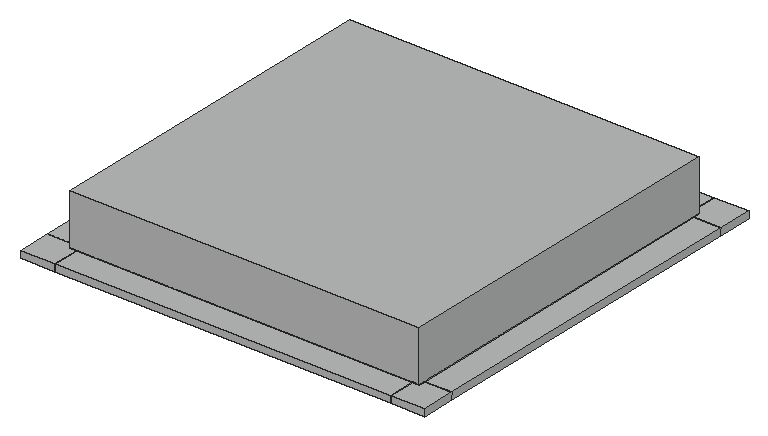
Revit family "ALUMOGIPS", category Осветительные приборы, Revit 2019 (continued)
Types (72, lengths in mm): name | Файл фотометрической сетки | built-in parameter 1150105 | Lumens | built-in parameter 1150106 | built-in parameter 1150142 | Wattage | Emit from Rectangle Width | Emit from Rectangle Length | Длина | Материал светильника | Ширина | ADSK_Ток | ADSK_Полная мощность | ADSK_Обозначение | ADSK_Номинальная мощность | ADSK_Наименование | ADSK_Масса | ADSK_Код изделия
  Alumogips-38/opal-sand 610х610 (IP54, 4000К, серый, грильято) c БАП на 1 час | "Светильник ALUMOGIPS-38 OPAL-SAND-(610x610).IES" | 302.39 (stored number, unit not read) | 3800 lm | 3.0239 (stored number, unit not read) | "IESNA:LM-63-95\r\n[TEST] Протокол № 50-12 \r\n[DATA] 20.06.2016\r\n[MORE] \r\n[MANUFAC] ЗАО \"Центрстройсвет\"\r\n[LUMCAT]  Светильник ALUMOGIPS-38/OPAL-SAND-(610x610)\r\n[LUMINAIRE]\r\n[LAMPCAT] Светодиоды\r\n[LAMP] Поток источника света (светодиодов) не известен\r\n[MORE] КСС приведена в абсолютных величинах кд\r\n[MORE] Вместо потока лампы, указан поток светильника.\r\nTILT=NONE\r\n1    3750 1.0 37 73 1 2 0.61 0.61 0.04\r\n1.0 1.0 38.7\r\n0.0 5.0 10.0 15.0 20.0 25.0 30.0 35.0 40.0 45.0 50.0 55.0 60.0 65.0 70.0 75.0 80.0 85.0 90.0 95.0 100.0 105.0 110.0 115.0 120.0 125.0 130.0 135.0 140.0 145.0 150.0 155.0 160.0 165.0 170.0 175.0 180.0\r\n0.0 5.0 10.0 15.0 20.0 25.0 30.0 35.0 40.0 45.0 50.0 55.0 60.0 65.0 70.0 75.0 80.0 85.0 90.0 95.0 100.0 105.0 110.0 115.0 120.0 125.0 130.0 135.0 140.0 145.0 150.0 155.0 160.0 165.0 170.0 175.0 180.0 185.0 190.0 195.0 200.0 205.0 210.0 215.0 220.0 225.0 230.0 235.0 240.0 245.0 250.0 255.0 260.0 265.0 270.0 275.0 280.0 285.0 290.0 295.0 300.0 305.0 310.0 315.0 320.0 325.0 330.0 335.0 340.0 345.0 350.0 355.0 360.0\r\n1391.4 1390.6 1365.7 1330.6 1277.5 1214.9 1147.5 1059.6 967.6 873.2 772.4 664.9 556.3 449.1 342.7 240.6 147.1 64.2 4.7 0.0 0.0 0.0 0.0 0.0 0.0 0.0 0.0 0.0 0.0 0.0 0.0 0.0 0.0 0.0 0.0 0.0 0.0\r\n1391.4 1390.5 1367.8 1332.7 1284.3 1221.3 1147.0 1062.1 969.2 872.4 773.2 666.3 557.1 450.1 343.8 241.9 146.9 64.7 5.2 0.0 0.0 0.0 0.0 0.0 0.0 0.0 0.0 0.0 0.0 0.0 0.0 0.0 0.0 0.0 0.0 0.0 0.0\r\n1391.4 1390.2 1372.0 1333.3 1277.3 1216.8 1144.5 1057.4 969.6 875.1 773.8 669.5 560.0 454.6 345.8 242.4 148.5 65.8 5.4 0.0 0.0 0.0 0.0 0.0 0.0 0.0 0.0 0.0 0.0 0.0 0.0 0.0 0.0 0.0 0.0 0.0 0.0\r\n1391.4 1389.8 1371.2 1330.7 1279.5 1220.5 1148.3 1059.9 967.7 873.2 767.5 666.8 561.4 453.0 347.1 243.7 149.9 65.6 5.8 0.0 0.0 0.0 0.0 0.0 0.0 0.0 0.0 0.0 0.0 0.0 0.0 0.0 0.0 0.0 0.0 0.0 0.0\r\n1391.4 1389.8 1368.3 1329.3 1285.0 1214.6 1141.1 1058.7 971.8 871.3 775.2 666.9 559.4 452.6 345.8 242.5 150.0 65.8 6.1 0.0 0.0 0.0 0.0 0.0 0.0 0.0 0.0 0.0 0.0 0.0 0.0 0.0 0.0 0.0 0.0 0.0 0.0\r\n1391.4 1390.5 1367.3 1332.3 1281.7 1219.0 1142.8 1064.6 970.5 874.4 772.1 667.5 560.2 453.0 346.2 241.8 149.4 65.7 5.6 0.0 0.0 0.0 0.0 0.0 0.0 0.0 0.0 0.0 0.0 0.0 0.0 0.0 0.0 0.0 0.0 0.0 0.0\r\n1391.4 1391.4 1368.1 1333.5 1277.3 1215.7 1139.0 1059.6 968.1 872.4 771.6 667.4 558.8 453.3 344.3 243.9 148.4 65.7 5.4 0.0 0.0 0.0 0.0 0.0 0.0 0.0 0.0 0.0 0.0 0.0 0.0 0.0 0.0 0.0 0.0 0.0 0.0\r\n1391.4 1391.7 1368.1 1330.4 1278.2 1213.9 1142.4 1061.6 967.4 875.1 772.0 669.3 561.1 452.5 345.2 242.1 148.3 65.4 5.5 0.0 0.0 0.0 0.0 0.0 0.0 0.0 0.0 0.0 0.0 0.0 0.0 0.0 0.0 0.0 0.0 0.0 0.0\r\n1391.4 1391.5 1371.0 1328.4 1278.5 1216.7 1142.1 1061.2 971.8 874.7 772.1 668.9 560.8 452.9 345.4 243.3 147.7 66.0 5.4 0.0 0.0 0.0 0.0 0.0 0.0 0.0 0.0 0.0 0.0 0.0 0.0 0.0 0.0 0.0 0.0 0.0 0.0\r\n1391.4 1391.5 1373.2 1330.5 1277.3 1215.5 1143.2 1063.6 967.0 872.7 772.2 669.4 558.9 453.2 346.6 241.9 148.1 65.2 5.5 0.0 0.0 0.0 0.0 0.0 0.0 0.0 0.0 0.0 0.0 0.0 0.0 0.0 0.0 0.0 0.0 0.0 0.0\r\n1391.4 1391.4 1369.7 1328.3 1281.3 1216.0 1139.8 1057.9 968.7 875.3 773.9 667.6 561.8 454.0 344.0 243.1 147.2 65.6 5.5 0.0 0.0 0.0 0.0 0.0 0.0 0.0 0.0 0.0 0.0 0.0 0.0 0.0 0.0 0.0 0.0 0.0 0.0\r\n1391.4 1390.5 1367.9 1330.1 1278.1 1218.1 1138.9 1061.0 970.0 871.8 770.4 669.3 560.2 453.4 346.9 242.1 148.3 65.2 5.2 0.0 0.0 0.0 0.0 0.0 0.0 0.0 0.0 0.0 0.0 0.0 0.0 0.0 0.0 0.0 0.0 0.0 0.0\r\n1391.4 1389.3 1368.2 1329.1 1280.8 1214.4 1142.5 1059.2 967.2 874.3 772.4 668.0 563.1 452.3 345.7 242.8 146.8 64.9 5.1 0.0 0.0 0.0 0.0 0.0 0.0 0.0 0.0 0.0 0.0 0.0 0.0 0.0 0.0 0.0 0.0 0.0 0.0\r\n1391.4 1388.6 1367.4 1327.8 1278.0 1215.7 1141.0 1061.0 971.5 877.3 771.2 667.3 561.5 453.0 346.4 242.4 146.3 64.8 5.2 0.0 0.0 0.0 0.0 0.0 0.0 0.0 0.0 0.0 0.0 0.0 0.0 0.0 0.0 0.0 0.0 0.0 0.0\r\n1391.4 1388.0 1367.6 1326.7 1278.3 1218.0 1140.9 1061.5 968.4 873.4 770.1 666.6 562.1 454.6 344.8 241.8 146.4 64.0 5.5 0.0 0.0 0.0 0.0 0.0 0.0 0.0 0.0 0.0 0.0 0.0 0.0 0.0 0.0 0.0 0.0 0.0 0.0\r\n1391.4 1387.2 1366.1 1331.0 1281.4 1216.3 1142.7 1059.1 969.4 871.5 772.2 667.3 560.5 453.0 344.4 242.2 146.4 63.8 5.6 0.0 0.0 0.0 0.0 0.0 0.0 0.0 0.0 0.0 0.0 0.0 0.0 0.0 0.0 0.0 0.0 0.0 0.0\r\n1391.4 1387.1 1366.3 1328.7 1276.9 1214.5 1141.2 1059.3 968.4 874.3 775.5 668.3 562.5 454.9 346.4 241.3 146.2 63.5 5.7 0.0 0.0 0.0 0.0 0.0 0.0 0.0 0.0 0.0 0.0 0.0 0.0 0.0 0.0 0.0 0.0 0.0 0.0\r\n1391.4 1388.4 1366.0 1329.7 1279.2 1217.9 1140.0 1060.5 969.0 873.9 772.0 671.3 560.4 453.2 343.7 241.7 145.8 63.7 5.4 0.0 0.0 0.0 0.0 0.0 0.0 0.0 0.0 0.0 0.0 0.0 0.0 0.0 0.0 0.0 0.0 0.0 0.0\r\n1391.4 1389.6 1367.7 1329.3 1277.2 1211.1 1140.1 1061.0 971.0 871.2 769.2 669.1 561.5 453.1 343.3 241.9 145.8 63.4 5.2 0.0 0.0 0.0 0.0 0.0 0.0 0.0 0.0 0.0 0.0 0.0 0.0 0.0 0.0 0.0 0.0 0.0 0.0\r\n1391.4 1388.8 1366.9 1327.1 1279.4 1214.2 1142.5 1056.4 970.7 870.3 771.0 665.1 560.4 453.3 343.8 241.1 145.7 63.4 5.2 0.0 0.0 0.0 0.0 0.0 0.0 0.0 0.0 0.0 0.0 0.0 0.0 0.0 0.0 0.0 0.0 0.0 0.0\r\n1391.4 1387.2 1365.8 1328.9 1276.6 1210.2 1141.4 1059.3 966.6 871.4 770.5 667.4 559.2 451.4 344.2 241.0 145.6 63.2 5.1 0.0 0.0 0.0 0.0 0.0 0.0 0.0 0.0 0.0 0.0 0.0 0.0 0.0 0.0 0.0 0.0 0.0 0.0\r\n1391.4 1386.8 1364.4 1329.8 1279.4 1213.7 1144.0 1059.0 965.3 873.7 768.8 668.9 559.4 449.5 342.6 241.5 144.6 63.4 5.0 0.0 0.0 0.0 0.0 0.0 0.0 0.0 0.0 0.0 0.0 0.0 0.0 0.0 0.0 0.0 0.0 0.0 0.0\r\n1391.4 1388.1 1365.8 1328.1 1273.8 1213.4 1137.9 1059.2 967.3 869.2 769.3 667.7 558.4 451.4 344.0 240.6 145.7 63.4 4.9 0.0 0.0 0.0 0.0 0.0 0.0 0.0 0.0 0.0 0.0 0.0 0.0 0.0 0.0 0.0 0.0 0.0 0.0\r\n1391.4 1389.2 1364.4 1323.2 1276.3 1213.8 1137.6 1055.3 963.1 871.0 767.7 664.1 559.7 447.1 342.4 240.1 145.2 63.9 5.1 0.0 0.0 0.0 0.0 0.0 0.0 0.0 0.0 0.0 0.0 0.0 0.0 0.0 0.0 0.0 0.0 0.0 0.0\r\n1391.4 1388.4 1362.3 1326.8 1274.4 1212.2 1137.9 1054.7 966.7 867.9 768.7 663.4 557.3 449.2 343.3 240.0 145.7 63.6 5.0 0.0 0.0 0.0 0.0 0.0 0.0 0.0 0.0 0.0 0.0 0.0 0.0 0.0 0.0 0.0 0.0 0.0 0.0\r\n1391.4 1386.2 1361.8 1326.5 1273.3 1211.2 1134.5 1048.6 964.3 866.3 767.8 662.9 556.7 449.5 341.9 239.8 145.7 63.7 5.0 0.0 0.0 0.0 0.0 0.0 0.0 0.0 0.0 0.0 0.0 0.0 0.0 0.0 0.0 0.0 0.0 0.0 0.0\r\n1391.4 1384.4 1363.5 1324.4 1272.0 1209.5 1137.2 1053.0 960.2 867.5 767.9 662.7 556.7 449.2 342.5 239.1 146.2 63.8 4.8 0.0 0.0 0.0 0.0 0.0 0.0 0.0 0.0 0.0 0.0 0.0 0.0 0.0 0.0 0.0 0.0 0.0 0.0\r\n1391.4 1383.7 1362.4 1324.4 1274.0 1209.5 1134.4 1050.1 965.4 864.9 764.6 662.3 556.6 447.9 340.5 240.3 145.5 64.6 4.6 0.0 0.0 0.0 0.0 0.0 0.0 0.0 0.0 0.0 0.0 0.0 0.0 0.0 0.0 0.0 0.0 0.0 0.0\r\n1391.4 1384.4 1361.9 1326.9 1270.2 1207.3 1132.7 1050.1 959.7 867.7 763.1 662.2 555.0 447.3 343.0 238.3 145.8 63.9 4.7 0.0 0.0 0.0 0.0 0.0 0.0 0.0 0.0 0.0 0.0 0.0 0.0 0.0 0.0 0.0 0.0 0.0 0.0\r\n1391.4 1385.1 1363.0 1320.0 1270.4 1207.9 1134.4 1055.0 963.5 867.3 766.7 660.7 555.9 450.1 342.6 240.2 145.9 64.3 4.9 0.0 0.0 0.0 0.0 0.0 0.0 0.0 0.0 0.0 0.0 0.0 0.0 0.0 0.0 0.0 0.0 0.0 0.0\r\n1391.4 1384.9 1362.3 1321.4 1273.1 1208.0 1135.4 1052.3 961.9 865.0 764.0 660.8 553.5 447.6 341.2 240.3 146.1 63.8 4.8 0.0 0.0 0.0 0.0 0.0 0.0 0.0 0.0 0.0 0.0 0.0 0.0 0.0 0.0 0.0 0.0 0.0 0.0\r\n1391.4 1383.8 1361.2 1322.1 1265.1 1211.5 1132.8 1049.3 961.3 863.4 764.0 661.0 550.7 447.9 341.0 240.1 146.2 63.8 4.6 0.0 0.0 0.0 0.0 0.0 0.0 0.0 0.0 0.0 0.0 0.0 0.0 0.0 0.0 0.0 0.0 0.0 0.0\r\n1391.4 1382.8 1359.3 1321.5 1269.3 1206.8 1132.8 1051.1 958.3 863.2 763.1 662.7 553.4 448.0 340.4 240.0 145.8 63.8 4.0 0.0 0.0 0.0 0.0 0.0 0.0 0.0 0.0 0.0 0.0 0.0 0.0 0.0 0.0 0.0 0.0 0.0 0.0\r\n1391.4 1382.6 1359.0 1319.6 1268.1 1204.3 1129.8 1049.0 957.7 861.8 761.7 658.4 554.2 446.1 340.4 239.0 145.6 63.8 3.8 0.0 0.0 0.0 0.0 0.0 0.0 0.0 0.0 0.0 0.0 0.0 0.0 0.0 0.0 0.0 0.0 0.0 0.0\r\n1391.4 1382.8 1358.5 1315.8 1266.5 1202.1 1128.5 1049.2 957.6 860.0 762.1 658.2 549.9 443.8 339.6 238.4 145.7 63.6 3.7 0.0 0.0 0.0 0.0 0.0 0.0 0.0 0.0 0.0 0.0 0.0 0.0 0.0 0.0 0.0 0.0 0.0 0.0\r\n1391.4 1382.2 1360.5 1319.2 1265.9 1204.5 1129.9 1046.9 955.0 862.9 758.9 657.9 552.5 444.9 338.9 238.8 145.3 63.6 3.3 0.0 0.0 0.0 0.0 0.0 0.0 0.0 0.0 0.0 0.0 0.0 0.0 0.0 0.0 0.0 0.0 0.0 0.0\r\n1391.4 1381.1 1361.2 1321.0 1268.1 1203.8 1128.8 1047.4 955.6 863.7 761.1 656.4 551.5 445.2 339.2 238.5 144.7 62.5 3.5 0.0 0.0 0.0 0.0 0.0 0.0 0.0 0.0 0.0 0.0 0.0 0.0 0.0 0.0 0.0 0.0 0.0 0.0\r\n1391.4 1380.6 1359.0 1316.4 1268.5 1204.0 1126.1 1049.5 956.2 859.6 759.7 656.5 549.2 444.3 338.4 236.1 143.8 61.6 3.2 0.0 0.0 0.0 0.0 0.0 0.0 0.0 0.0 0.0 0.0 0.0 0.0 0.0 0.0 0.0 0.0 0.0 0.0\r\n1391.4 1380.7 1356.6 1316.0 1267.0 1205.6 1130.3 1044.8 956.9 856.7 759.3 653.5 548.1 441.9 335.3 235.4 141.4 60.3 2.9 0.0 0.0 0.0 0.0 0.0 0.0 0.0 0.0 0.0 0.0 0.0 0.0 0.0 0.0 0.0 0.0 0.0 0.0\r\n1391.4 1380.4 1354.4 1317.9 1268.8 1199.0 1129.0 1044.0 956.9 860.6 758.3 656.9 549.1 442.0 334.4 236.1 141.7 60.5 2.6 0.0 0.0 0.0 0.0 0.0 0.0 0.0 0.0 0.0 0.0 0.0 0.0 0.0 0.0 0.0 0.0 0.0 0.0\r\n1391.4 1380.1 1356.7 1322.1 1264.6 1201.7 1129.9 1047.4 957.2 859.7 758.2 656.1 549.4 442.8 335.3 235.8 141.3 60.6 2.3 0.0 0.0 0.0 0.0 0.0 0.0 0.0 0.0 0.0 0.0 0.0 0.0 0.0 0.0 0.0 0.0 0.0 0.0\r\n1391.4 1379.9 1357.3 1317.5 1265.9 1207.8 1129.2 1046.5 955.7 860.2 758.6 656.9 550.7 441.9 335.4 233.9 140.6 60.2 2.4 0.0 0.0 0.0 0.0 0.0 0.0 0.0 0.0 0.0 0.0 0.0 0.0 0.0 0.0 0.0 0.0 0.0 0.0\r\n1391.4 1379.2 1355.5 1314.6 1269.3 1203.7 1133.5 1044.8 957.2 857.9 762.0 656.6 548.7 440.4 335.9 234.5 140.4 59.8 2.8 0.0 0.0 0.0 0.0 0.0 0.0 0.0 0.0 0.0 0.0 0.0 0.0 0.0 0.0 0.0 0.0 0.0 0.0\r\n1391.4 1377.9 1357.1 1319.2 1271.9 1204.4 1128.6 1050.2 953.1 856.9 757.6 653.7 548.9 439.9 335.4 232.4 140.5 59.2 3.0 0.0 0.0 0.0 0.0 0.0 0.0 0.0 0.0 0.0 0.0 0.0 0.0 0.0 0.0 0.0 0.0 0.0 0.0\r\n1391.4 1377.2 1356.3 1322.9 1266.0 1204.8 1132.2 1049.0 958.1 859.3 759.0 654.6 547.0 441.6 334.9 232.1 139.3 58.8 2.9 0.0 0.0 0.0 0.0 0.0 0.0 0.0 0.0 0.0 0.0 0.0 0.0 0.0 0.0 0.0 0.0 0.0 0.0\r\n1391.4 1377.8 1353.8 1319.7 1269.6 1207.9 1135.8 1049.5 955.8 858.0 762.4 655.9 548.2 441.6 335.6 231.7 139.4 58.8 2.8 0.0 0.0 0.0 0.0 0.0 0.0 0.0 0.0 0.0 0.0 0.0 0.0 0.0 0.0 0.0 0.0 0.0 0.0\r\n1391.4 1378.5 1355.2 1319.8 1267.3 1206.5 1131.2 1046.1 954.6 861.2 756.6 653.8 548.1 440.3 335.0 232.6 138.6 59.0 2.9 0.0 0.0 0.0 0.0 0.0 0.0 0.0 0.0 0.0 0.0 0.0 0.0 0.0 0.0 0.0 0.0 0.0 0.0\r\n1391.4 1378.6 1355.1 1318.3 1269.7 1200.8 1133.1 1049.0 957.6 862.5 762.4 656.9 549.3 443.5 334.7 231.2 138.8 58.1 3.0 0.0 0.0 0.0 0.0 0.0 0.0 0.0 0.0 0.0 0.0 0.0 0.0 0.0 0.0 0.0 0.0 0.0 0.0\r\n1391.4 1378.8 1355.8 1321.7 1268.8 1210.0 1129.0 1048.5 958.8 862.4 762.2 656.4 549.0 441.1 335.4 231.5 138.5 58.1 3.0 0.0 0.0 0.0 0.0 0.0 0.0 0.0 0.0 0.0 0.0 0.0 0.0 0.0 0.0 0.0 0.0 0.0 0.0\r\n1391.4 1379.6 1357.6 1321.7 1269.0 1207.1 1133.9 1047.0 964.1 863.3 761.9 656.4 551.5 440.7 334.9 232.2 137.6 58.1 2.8 0.0 0.0 0.0 0.0 0.0 0.0 0.0 0.0 0.0 0.0 0.0 0.0 0.0 0.0 0.0 0.0 0.0 0.0\r\n1391.4 1380.6 1357.7 1319.2 1272.0 1207.5 1131.3 1054.6 959.0 863.3 764.8 655.9 549.1 443.0 335.1 231.3 138.0 58.1 2.7 0.0 0.0 0.0 0.0 0.0 0.0 0.0 0.0 0.0 0.0 0.0 0.0 0.0 0.0 0.0 0.0 0.0 0.0\r\n1391.4 1381.5 1358.5 1321.9 1271.0 1204.1 1135.9 1055.8 962.5 865.5 761.1 656.9 550.6 442.0 335.3 231.9 137.4 57.9 2.6 0.0 0.0 0.0 0.0 0.0 0.0 0.0 0.0 0.0 0.0 0.0 0.0 0.0 0.0 0.0 0.0 0.0 0.0\r\n1391.4 1381.3 1358.5 1322.3 1270.8 1207.2 1133.7 1051.9 958.0 867.3 767.5 657.0 552.1 442.3 333.6 231.2 137.9 57.8 2.6 0.0 0.0 0.0 0.0 0.0 0.0 0.0 0.0 0.0 0.0 0.0 0.0 0.0 0.0 0.0 0.0 0.0 0.0\r\n1391.4 1380.6 1359.4 1319.7 1270.6 1209.0 1133.0 1052.1 963.9 867.5 764.1 660.0 554.0 443.3 334.8 231.7 137.6 57.8 2.7 0.0 0.0 0.0 0.0 0.0 0.0 0.0 0.0 0.0 0.0 0.0 0.0 0.0 0.0 0.0 0.0 0.0 0.0\r\n1391.4 1381.3 1359.9 1321.3 1270.6 1204.8 1135.0 1051.3 962.1 865.5 761.7 660.3 553.1 443.5 334.1 231.9 137.9 57.8 2.8 0.0 0.0 0.0 0.0 0.0 0.0 0.0 0.0 0.0 0.0 0.0 0.0 0.0 0.0 0.0 0.0 0.0 0.0\r\n1391.4 1383.1 1362.1 1324.8 1273.8 1208.7 1134.8 1055.9 961.8 866.4 762.3 659.7 552.4 443.7 334.4 232.8 138.0 58.0 2.8 0.0 0.0 0.0 0.0 0.0 0.0 0.0 0.0 0.0 0.0 0.0 0.0 0.0 0.0 0.0 0.0 0.0 0.0\r\n1391.4 1384.6 1360.4 1321.7 1272.0 1210.6 1130.9 1052.5 963.1 866.7 767.4 659.3 553.7 444.6 335.4 233.1 138.3 58.0 2.8 0.0 0.0 0.0 0.0 0.0 0.0 0.0 0.0 0.0 0.0 0.0 0.0 0.0 0.0 0.0 0.0 0.0 0.0\r\n1391.4 1385.6 1357.5 1324.7 1273.9 1211.6 1134.3 1052.7 963.6 865.4 763.1 658.7 552.2 444.9 336.9 232.8 138.8 58.6 2.9 0.0 0.0 0.0 0.0 0.0 0.0 0.0 0.0 0.0 0.0 0.0 0.0 0.0 0.0 0.0 0.0 0.0 0.0\r\n1391.4 1386.4 1357.8 1323.4 1273.2 1212.2 1136.3 1054.7 967.5 867.5 764.0 659.4 553.3 443.7 336.8 233.2 138.9 58.5 3.1 0.0 0.0 0.0 0.0 0.0 0.0 0.0 0.0 0.0 0.0 0.0 0.0 0.0 0.0 0.0 0.0 0.0 0.0\r\n1391.4 1386.6 1362.0 1324.9 1273.2 1211.3 1139.0 1049.9 960.3 866.4 768.0 661.3 552.2 443.4 336.3 233.4 139.8 58.9 3.1 0.0 0.0 0.0 0.0 0.0 0.0 0.0 0.0 0.0 0.0 0.0 0.0 0.0 0.0 0.0 0.0 0.0 0.0\r\n1391.4 1386.0 1360.5 1326.0 1271.8 1212.0 1137.2 1059.3 963.5 867.6 766.9 661.2 552.3 445.8 337.8 233.6 141.0 59.2 3.3 0.0 0.0 0.0 0.0 0.0 0.0 0.0 0.0 0.0 0.0 0.0 0.0 0.0 0.0 0.0 0.0 0.0 0.0\r\n1391.4 1385.0 1362.3 1325.1 1272.0 1207.1 1138.5 1053.6 964.5 865.8 766.5 661.6 554.3 445.9 337.0 234.5 140.4 60.2 3.5 0.0 0.0 0.0 0.0 0.0 0.0 0.0 0.0 0.0 0.0 0.0 0.0 0.0 0.0 0.0 0.0 0.0 0.0\r\n1391.4 1384.4 1361.8 1323.6 1274.0 1214.8 1138.9 1053.9 968.0 867.9 769.0 663.8 555.6 446.7 339.6 235.0 141.3 60.4 3.4 0.0 0.0 0.0 0.0 0.0 0.0 0.0 0.0 0.0 0.0 0.0 0.0 0.0 0.0 0.0 0.0 0.0 0.0\r\n1391.4 1385.0 1360.9 1322.2 1272.4 1209.8 1137.2 1055.7 962.7 869.7 769.6 658.2 556.6 447.4 338.5 236.2 142.5 60.7 3.4 0.0 0.0 0.0 0.0 0.0 0.0 0.0 0.0 0.0 0.0 0.0 0.0 0.0 0.0 0.0 0.0 0.0 0.0\r\n1391.4 1386.6 1363.1 1323.6 1272.5 1211.5 1139.2 1058.4 969.9 868.0 768.8 664.6 556.3 445.8 342.1 236.1 142.3 61.2 3.5 0.0 0.0 0.0 0.0 0.0 0.0 0.0 0.0 0.0 0.0 0.0 0.0 0.0 0.0 0.0 0.0 0.0 0.0\r\n1391.4 1388.6 1360.9 1330.2 1273.7 1213.2 1138.7 1058.3 966.2 867.0 766.8 663.4 553.3 447.1 339.2 238.7 143.0 61.4 3.8 0.0 0.0 0.0 0.0 0.0 0.0 0.0 0.0 0.0 0.0 0.0 0.0 0.0 0.0 0.0 0.0 0.0 0.0\r\n1391.4 1389.8 1360.8 1328.4 1276.8 1216.0 1140.1 1055.8 963.1 870.3 768.4 663.1 554.0 449.1 340.1 237.3 144.8 61.7 3.8 0.0 0.0 0.0 0.0 0.0 0.0 0.0 0.0 0.0 0.0 0.0 0.0 0.0 0.0 0.0 0.0 0.0 0.0\r\n1391.4 1389.3 1362.5 1325.9 1278.0 1210.4 1138.2 1054.7 967.8 872.7 770.2 661.9 556.5 446.9 341.3 237.7 144.4 62.5 3.9 0.0 0.0 0.0 0.0 0.0 0.0 0.0 0.0 0.0 0.0 0.0 0.0 0.0 0.0 0.0 0.0 0.0 0.0\r\n1391.4 1387.8 1365.8 1326.6 1274.3 1213.2 1141.4 1053.1 966.2 871.2 768.4 663.7 555.0 447.1 341.3 238.2 144.3 62.7 4.1 0.0 0.0 0.0 0.0 0.0 0.0 0.0 0.0 0.0 0.0 0.0 0.0 0.0 0.0 0.0 0.0 0.0 0.0\r\n1391.4 1387.2 1364.2 1328.3 1274.8 1209.4 1145.0 1060.0 963.9 867.5 766.5 663.4 556.7 448.2 340.9 240.3 144.7 63.3 4.0 0.0 0.0 0.0 0.0 0.0 0.0 0.0 0.0 0.0 0.0 0.0 0.0 0.0 0.0 0.0 0.0 0.0 0.0\r\n1391.4 1388.4 1364.9 1332.6 1279.0 1215.6 1140.9 1056.3 969.3 867.1 770.0 663.8 559.0 449.0 342.4 240.3 145.7 63.3 4.7 0.0 0.0 0.0 0.0 0.0 0.0 0.0 0.0 0.0 0.0 0.0 0.0 0.0 0.0 0.0 0.0 0.0 0.0\r\n1391.4 1390.0 1364.5 1329.3 1281.4 1217.7 1141.3 1063.3 970.3 871.1 768.8 663.5 555.2 449.3 342.4 239.8 146.6 63.3 4.9 0.0 0.0 0.0 0.0 0.0 0.0 0.0 0.0 0.0 0.0 0.0 0.0 0.0 0.0 0.0 0.0 0.0 0.0\r\n1391.4 1390.6 1365.7 1330.6 1277.5 1214.9 1147.5 1059.6 967.6 873.2 772.4 664.9 556.3 449.1 342.7 240.6 147.1 64.2 4.7 0.0 0.0 0.0 0.0 0.0 0.0 0.0 0.0 0.0 0.0 0.0 0.0 0.0 0.0 0.0 0.0 0.0 0.0\r\n" | 25.582 W | 590 | 590 | 610 | RAL 9006 | 610 | 0.179584 A | 41.3043 VA | "Alumogips-38/opal-sand 610х610 (IP54, 4000К, серый, грильято)" | 38 W | "Встраиваемый светодиодный светильник Alumogips-38/opal-sand 610х610 (IP54, 4000К, серый, грильято) c 
    БАП на 1 час" | 2.4 | "ЦБ000007816"
